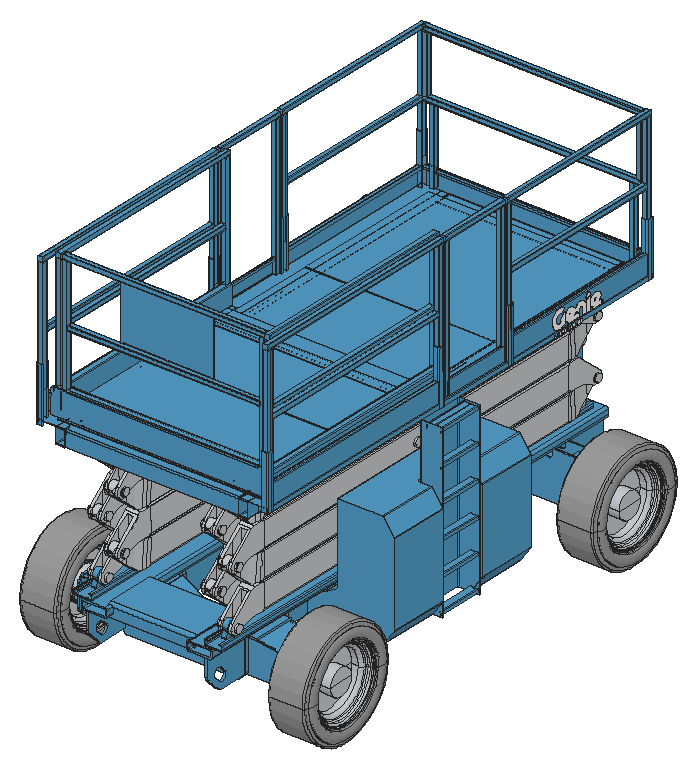
Revit family "Genie_Site_ScissorLift_GS4390_000", category Site, Revit 2017 (continued)
Definition of nested family "Base"
  Forms (mm)
    Sweep 17, solid, material <- "Blue"
      profile origin (658.337, 1411.454, 655.061) x (-1, 0, 0) y (0, 0, 1)
        loop
          arc (-255.936, -50.8) -> (-253.109, -57.625) -> (-246.284, -60.452) r 9.652
          line (-246.284, -60.452) -> (-212.604, -60.452)
          arc (-212.604, -60.452) -> (-205.275, -61.163) -> (-198.221, -63.271) r 38.1
          line (-198.221, -63.271) -> (-3.301, -142.731)
          arc (-3.301, -142.731) -> (13.935, -156.756) -> (20.416, -178.012) r 38.1
          line (20.416, -178.012) -> (20.416, -276.166)
          arc (20.416, -276.166) -> (13.946, -297.407) -> (-3.267, -311.433) r 38.1
          line (-3.267, -311.433) -> (-198.206, -391.121)
          arc (-198.206, -391.121) -> (-205.277, -393.239) -> (-212.623, -393.954) r 38.1
          line (-212.623, -393.954) -> (-246.284, -393.954)
          arc (-246.284, -393.954) -> (-253.109, -396.781) -> (-255.936, -403.606) r 9.652
          line (-255.936, -403.606) -> (-255.936, -406.4)
          arc (-255.936, -406.4) -> (-253.109, -413.225) -> (-246.284, -416.052) r 9.652
          line (-246.284, -416.052) -> (14.997, -416.052)
          arc (14.997, -416.052) -> (23.029, -414.749) -> (30.237, -410.972) r 25.4
          line (30.237, -410.972) -> (67.491, -383.032)
          arc (67.491, -383.032) -> (74.698, -379.255) -> (82.731, -377.952) r 25.4
          line (82.731, -377.952) -> (1234.197, -377.952)
          arc (1234.197, -377.952) -> (1242.229, -379.255) -> (1249.437, -383.032) r 25.4
          line (1249.437, -383.032) -> (1286.691, -410.972)
          arc (1286.691, -410.972) -> (1293.898, -414.749) -> (1301.931, -416.052) r 25.4
          line (1301.931, -416.052) -> (1563.212, -416.052)
          arc (1563.212, -416.052) -> (1570.037, -413.225) -> (1572.864, -406.4) r 9.652
          line (1572.864, -406.4) -> (1572.864, -403.606)
          arc (1572.864, -403.606) -> (1570.037, -396.781) -> (1563.212, -393.954) r 9.652
          line (1563.212, -393.954) -> (1529.551, -393.954)
          arc (1529.551, -393.954) -> (1522.204, -393.239) -> (1515.134, -391.121) r 38.1
          line (1515.134, -391.121) -> (1320.195, -311.433)
          arc (1320.195, -311.433) -> (1302.982, -297.407) -> (1296.512, -276.166) r 38.1
          line (1296.512, -276.166) -> (1296.512, -178.012)
          arc (1296.512, -178.012) -> (1302.992, -156.756) -> (1320.229, -142.731) r 38.1
          line (1320.229, -142.731) -> (1515.149, -63.271)
          arc (1515.149, -63.271) -> (1522.203, -61.163) -> (1529.532, -60.452) r 38.1
          line (1529.532, -60.452) -> (1563.212, -60.452)
          arc (1563.212, -60.452) -> (1570.037, -57.625) -> (1572.864, -50.8) r 9.652
          line (1572.864, -50.8) -> (1572.864, -44.704)
          arc (1572.864, -44.704) -> (1570.037, -37.879) -> (1563.212, -35.052) r 9.652
          line (1563.212, -35.052) -> (1549.4, -35.052)
          arc (1549.4, -35.052) -> (1547.47, -34.979) -> (1545.55, -34.759) r 25.4
          line (1545.55, -34.759) -> (1320.778, -0.293)
          arc (1320.778, -0.293) -> (1318.858, -0.073) -> (1316.928, 0) r 25.4
          line (1316.928, 0) -> (1204.564, 0)
          arc (1204.564, 0) -> (1186.603, -7.439) -> (1179.164, -25.4) r 25.4
          line (1179.164, -25.4) -> (1179.164, -44.45)
          arc (1179.164, -44.45) -> (1171.724, -62.411) -> (1153.764, -69.85) r 25.4
          line (1153.764, -69.85) -> (998.062, -69.85)
          arc (998.062, -69.85) -> (980.101, -77.289) -> (972.662, -95.25) r 25.4
          line (972.662, -95.25) -> (972.662, -134.874)
          arc (972.662, -134.874) -> (965.222, -152.835) -> (947.262, -160.274) r 25.4
          line (947.262, -160.274) -> (850.688, -160.274)
          arc (850.688, -160.274) -> (848.968, -160.216) -> (847.256, -160.041) r 25.4
          line (847.256, -160.041) -> (710.972, -141.457)
          arc (710.972, -141.457) -> (709.26, -141.282) -> (707.54, -141.224) r 25.4
          line (707.54, -141.224) -> (609.388, -141.224)
          arc (609.388, -141.224) -> (607.668, -141.282) -> (605.956, -141.457) r 25.4
          line (605.956, -141.457) -> (469.672, -160.041)
          arc (469.672, -160.041) -> (467.96, -160.216) -> (466.24, -160.274) r 25.4
          line (466.24, -160.274) -> (369.666, -160.274)
          arc (369.666, -160.274) -> (351.705, -152.835) -> (344.266, -134.874) r 25.4
          line (344.266, -134.874) -> (344.266, -95.25)
          arc (344.266, -95.25) -> (336.826, -77.289) -> (318.866, -69.85) r 25.4
          line (318.866, -69.85) -> (163.164, -69.85)
          arc (163.164, -69.85) -> (145.203, -62.411) -> (137.764, -44.45) r 25.4
          line (137.764, -44.45) -> (137.764, -25.4)
          arc (137.764, -25.4) -> (130.324, -7.439) -> (112.364, 0) r 25.4
    Sweep 18, solid, material <- "Blue"
      path in 3D
        loop
          line (-498.475, -1579.65, 375.931) -> (-498.475, -1598.7, 375.931)
      profile origin (-498.475, -1589.175, 375.931) x (0, 0, 1) y (-1, 0, 0)
        loop
          line (253.983, 0) -> (0, 0)
          arc (0, 0) -> (-7.29, -1.45) -> (-13.47, -5.58) r 19.05
          line (-13.47, -5.58) -> (-53.111, -45.22)
          arc (-53.111, -45.22) -> (-57.241, -51.401) -> (-58.691, -58.691) r 19.05
          line (-58.691, -58.691) -> (-58.691, -938.259)
          arc (-58.691, -938.259) -> (-57.241, -945.549) -> (-53.111, -951.73) r 19.05
          line (-53.111, -951.73) -> (-13.47, -991.37)
          arc (-13.47, -991.37) -> (-7.29, -995.5) -> (0, -996.95) r 19.05
          line (0, -996.95) -> (253.983, -996.95) -> (253.983, -822.198)
          arc (253.983, -822.198) -> (257.703, -813.218) -> (266.683, -809.498) r 12.7
          line (266.683, -809.498) -> (292.083, -809.498) -> (330.183, -771.398) -> (330.183, -225.298) -> (292.083, -187.198) -> (266.683, -187.198)
          arc (266.683, -187.198) -> (257.703, -183.478) -> (253.983, -174.498) r 12.7
          line (253.983, -174.498) -> (253.983, 0)
    Sweep 19, solid, material <- "Blue"
      path in 3D
        loop
          line (-76.327, -1536.724, 337.688) -> (-76.327, -1549.424, 337.688)
      profile origin (-76.327, -1543.074, 337.688) x (0, 0, -1) y (1, 0, 0)
        loop
          line (0, -771.398) -> (0, 0) -> (-118.821, 0)
          arc (-118.821, 0) -> (-131.521, -3.403) -> (-140.818, -12.701) r 25.4
          line (-140.818, -12.701) -> (-266.6, -230.58)
          arc (-266.6, -230.58) -> (-269.137, -236.706) -> (-270.002, -243.279) r 25.4
          line (-270.002, -243.279) -> (-270.002, -476.25) -> (-230, -749.675)
          arc (-230, -749.675) -> (-221.477, -765.215) -> (-204.868, -771.398) r 25.4
          line (-204.868, -771.398) -> (0, -771.398)
        loop
          line (0, 923.798) -> (-204.868, 923.798)
          arc (-204.868, 923.798) -> (-221.477, 917.615) -> (-230, 902.075) r 25.4
          line (-230, 902.075) -> (-270.002, 628.65) -> (-270.002, 395.679)
          arc (-270.002, 395.679) -> (-269.137, 389.106) -> (-266.6, 382.98) r 25.4
          line (-266.6, 382.98) -> (-140.818, 165.101)
          arc (-140.818, 165.101) -> (-131.521, 155.803) -> (-118.821, 152.4) r 25.4
          line (-118.821, 152.4) -> (0, 152.4) -> (0, 923.798)
    Sweep 20, solid, material <- "Blue"
      path in 3D
        loop
          line (-76.327, -1231.924, 337.688) -> (-76.327, -1244.624, 337.688)
      profile origin (-76.327, -1238.274, 337.688) x (0, 0, -1) y (1, 0, 0)
        loop
          line (0, 0) -> (-118.821, 0)
          arc (-118.821, 0) -> (-131.521, -3.403) -> (-140.818, -12.701) r 25.4
          line (-140.818, -12.701) -> (-266.6, -230.58)
          arc (-266.6, -230.58) -> (-269.137, -236.706) -> (-270.002, -243.279) r 25.4
          line (-270.002, -243.279) -> (-270.002, -476.25) -> (-230, -749.675)
          arc (-230, -749.675) -> (-221.477, -765.215) -> (-204.868, -771.398) r 25.4
          line (-204.868, -771.398) -> (0, -771.398) -> (0, 0)
        loop
          line (0, 923.798) -> (-204.868, 923.798)
          arc (-204.868, 923.798) -> (-221.477, 917.615) -> (-230, 902.075) r 25.4
          line (-230, 902.075) -> (-270.002, 628.65) -> (-270.002, 395.679)
          arc (-270.002, 395.679) -> (-269.137, 389.106) -> (-266.6, 382.98) r 25.4
          line (-266.6, 382.98) -> (-140.818, 165.101)
          arc (-140.818, 165.101) -> (-131.521, 155.803) -> (-118.821, 152.4) r 25.4
          line (-118.821, 152.4) -> (0, 152.4) -> (0, 923.798)
    Sweep 21, solid, material <- "Blue"
      path in 3D
        loop
          line (439.784, -1182.648, 317.241) -> (439.784, -1201.698, 317.241)
      profile origin (439.784, -1192.173, 317.241) x (-1, 0, 0) y (0, 0, -1)
        loop
          arc (0, 0) -> (-7.29, -1.45) -> (-13.47, -5.58) r 19.05
          line (-13.47, -5.58) -> (-53.111, -45.22)
          arc (-53.111, -45.22) -> (-57.241, -51.401) -> (-58.691, -58.691) r 19.05
          line (-58.691, -58.691) -> (-58.691, -312.674) -> (106.409, -312.674)
          arc (106.409, -312.674) -> (119.88, -307.094) -> (125.459, -293.624) r 19.05
          line (125.459, -293.624) -> (125.459, -215.9)
          arc (125.459, -215.9) -> (136.618, -188.959) -> (163.559, -177.8) r 38.1
          line (163.559, -177.8) -> (716.009, -177.8)
          arc (716.009, -177.8) -> (742.95, -188.959) -> (754.109, -215.9) r 38.1
          line (754.109, -215.9) -> (754.109, -293.624)
          arc (754.109, -293.624) -> (759.689, -307.094) -> (773.159, -312.674) r 19.05
          line (773.159, -312.674) -> (938.259, -312.674) -> (938.259, -58.691)
          arc (938.259, -58.691) -> (936.809, -51.401) -> (932.68, -45.22) r 19.05
          line (932.68, -45.22) -> (893.039, -5.58)
          arc (893.039, -5.58) -> (886.859, -1.45) -> (879.568, 0) r 19.05
          line (879.568, 0) -> (0, 0)
    Sweep 22, solid, material <- "Blue"
      path in 3D
        loop
          line (41.275, -1579.65, 322.067) -> (41.275, -1202.714, 322.067)
      profile origin (41.275, -1391.182, 322.067) x (1, 0, 0) y (0, 0, -1)
        loop
          line (0, 0) -> (-82.55, 0)
          arc (-82.55, 0) -> (-89.285, -2.79) -> (-92.075, -9.525) r 9.525
          line (-92.075, -9.525) -> (-92.075, -92.075)
          arc (-92.075, -92.075) -> (-89.285, -98.81) -> (-82.55, -101.6) r 9.525
          line (-82.55, -101.6) -> (0, -101.6)
          arc (0, -101.6) -> (6.735, -98.81) -> (9.525, -92.075) r 9.525
          line (9.525, -92.075) -> (9.525, -9.525)
          arc (9.525, -9.525) -> (6.735, -2.79) -> (0, 0) r 9.525
    Sweep 23, solid, material <- "Blue"
      path in 3D
        loop
          line (-453.255, 1201.65, 322.82) -> (-453.255, 1182.6, 322.82)
      profile origin (-453.255, 1192.125, 322.82) x (-0.707107, 0, 0.707107) y (-0.707107, 0, -0.707107)
        loop
          line (-13.47, -5.58) -> (-635.419, -627.528)
          arc (-635.419, -627.528) -> (-639.549, -633.709) -> (-640.999, -640.999) r 19.05
          line (-640.999, -640.999) -> (-640.999, -697.059)
          arc (-640.999, -697.059) -> (-639.549, -704.349) -> (-635.419, -710.53) r 19.05
          line (-635.419, -710.53) -> (-455.826, -890.123) -> (-339.083, -773.38)
          arc (-339.083, -773.38) -> (-333.503, -759.909) -> (-339.083, -746.439) r 19.05
          line (-339.083, -746.439) -> (-394.042, -691.48)
          arc (-394.042, -691.48) -> (-405.201, -664.539) -> (-394.042, -637.598) r 38.1
          line (-394.042, -637.598) -> (-3.401, -246.957)
          arc (-3.401, -246.957) -> (23.54, -235.798) -> (50.481, -246.957) r 38.1
          line (50.481, -246.957) -> (105.44, -301.916)
          arc (105.44, -301.916) -> (118.91, -307.496) -> (132.381, -301.916) r 19.05
          line (132.381, -301.916) -> (249.124, -185.173) -> (69.531, -5.58)
          arc (69.531, -5.58) -> (63.351, -1.45) -> (56.061, 0) r 19.05
          line (56.061, 0) -> (0, 0)
          arc (0, 0) -> (-7.29, -1.45) -> (-13.47, -5.58) r 19.05
    Sweep 24, solid, material <- "Blue"
      path in 3D
        loop
          line (439.784, 1598.652, 317.241) -> (439.784, 1579.602, 317.241)
      profile origin (439.784, 1589.127, 317.241) x (-1, 0, 0) y (0, 0, -1)
        loop
          arc (0, 0) -> (-7.29, -1.45) -> (-13.47, -5.58) r 19.05
          line (-13.47, -5.58) -> (-53.111, -45.22)
          arc (-53.111, -45.22) -> (-57.241, -51.401) -> (-58.691, -58.691) r 19.05
          line (-58.691, -58.691) -> (-58.691, -312.674) -> (106.409, -312.674)
          arc (106.409, -312.674) -> (119.88, -307.094) -> (125.459, -293.624) r 19.05
          line (125.459, -293.624) -> (125.459, -215.9)
          arc (125.459, -215.9) -> (136.618, -188.959) -> (163.559, -177.8) r 38.1
          line (163.559, -177.8) -> (716.009, -177.8)
          arc (716.009, -177.8) -> (742.95, -188.959) -> (754.109, -215.9) r 38.1
          line (754.109, -215.9) -> (754.109, -293.624)
          arc (754.109, -293.624) -> (759.689, -307.094) -> (773.159, -312.674) r 19.05
          line (773.159, -312.674) -> (938.259, -312.674) -> (938.259, -58.691)
          arc (938.259, -58.691) -> (936.809, -51.401) -> (932.68, -45.22) r 19.05
          line (932.68, -45.22) -> (893.039, -5.58)
          arc (893.039, -5.58) -> (886.859, -1.45) -> (879.568, 0) r 19.05
          line (879.568, 0) -> (0, 0)
    Sweep 25, solid, material <- "Blue"
      path in 3D
        loop
          line (-866.775, -1549.904, 538.757) -> (-847.725, -1549.904, 538.757)
      profile origin (-857.25, -1549.904, 538.757) x (0, 0.707107, 0.707107) y (0, -0.707107, 0.707107)
        loop
          arc (50.03, -9.299) -> (39.729, -2.417) -> (27.579, 0) r 31.75
          line (27.579, 0) -> (0, 0)
          arc (0, 0) -> (-12.15, -2.417) -> (-22.451, -9.299) r 31.75
          line (-22.451, -9.299) -> (-147.536, -134.385)
          arc (-147.536, -134.385) -> (-154.419, -144.685) -> (-156.835, -156.835) r 31.75
          line (-156.835, -156.835) -> (-156.835, -184.414)
          arc (-156.835, -184.414) -> (-154.419, -196.565) -> (-147.536, -206.865) r 31.75
          line (-147.536, -206.865) -> (17.961, -372.362)
          arc (17.961, -372.362) -> (28.261, -379.244) -> (40.411, -381.661) r 31.75
          line (40.411, -381.661) -> (67.99, -381.661)
          arc (67.99, -381.661) -> (80.14, -379.244) -> (90.441, -372.362) r 31.75
          line (90.441, -372.362) -> (215.526, -247.276)
          arc (215.526, -247.276) -> (222.409, -236.976) -> (224.826, -224.826) r 31.75
          line (224.826, -224.826) -> (224.826, -197.247)
          arc (224.826, -197.247) -> (222.409, -185.096) -> (215.526, -174.796) r 31.75
          line (215.526, -174.796) -> (50.03, -9.299)
    Sweep 26, solid, material <- "Blue"
      path in 3D
        loop
          line (866.775, -1549.904, 538.757) -> (847.725, -1549.904, 538.757)
      profile origin (857.25, -1549.904, 538.757) x (0, -0.707107, -0.707107) y (0, -0.707107, 0.707107)
        loop
          line (-50.03, -9.299) -> (-215.526, -174.796)
          arc (-215.526, -174.796) -> (-222.409, -185.096) -> (-224.826, -197.247) r 31.75
          line (-224.826, -197.247) -> (-224.826, -224.826)
          arc (-224.826, -224.826) -> (-222.409, -236.976) -> (-215.526, -247.276) r 31.75
          line (-215.526, -247.276) -> (-90.441, -372.362)
          arc (-90.441, -372.362) -> (-80.14, -379.244) -> (-67.99, -381.661) r 31.75
          line (-67.99, -381.661) -> (-40.411, -381.661)
          arc (-40.411, -381.661) -> (-28.261, -379.244) -> (-17.961, -372.362) r 31.75
          line (-17.961, -372.362) -> (147.536, -206.865)
          arc (147.536, -206.865) -> (154.419, -196.565) -> (156.835, -184.414) r 31.75
          line (156.835, -184.414) -> (156.835, -156.835)
          arc (156.835, -156.835) -> (154.419, -144.685) -> (147.536, -134.385) r 31.75
          line (147.536, -134.385) -> (22.451, -9.299)
          arc (22.451, -9.299) -> (12.15, -2.417) -> (0, 0) r 31.75
          line (0, 0) -> (-27.579, 0)
          arc (-27.579, 0) -> (-39.729, -2.417) -> (-50.03, -9.299) r 31.75
    Sweep 27, solid, material <- "Blue"
      path in 3D
        loop
          line (836.622, -1478.033, 297.81) -> (86.922, -1478.033, 297.81)
      profile origin (461.772, -1478.033, 297.81) x (0, 1, 0) y (0, 0, -1)
        loop
          line (233.409, -50.8) -> (187.735, -5.126)
          arc (187.735, -5.126) -> (182.057, -1.332) -> (175.36, 0) r 17.5
          line (175.36, 0) -> (-0.642, 0)
          arc (-0.642, 0) -> (-7.339, -1.332) -> (-13.016, -5.126) r 17.5
          line (-13.016, -5.126) -> (-58.691, -50.8) -> (-51.956, -57.535) -> (-6.142, -11.722)
          arc (-6.142, -11.722) -> (-3.709, -10.096) -> (-0.839, -9.525) r 7.5
          line (-0.839, -9.525) -> (175.557, -9.525)
          arc (175.557, -9.525) -> (178.427, -10.096) -> (180.861, -11.722) r 7.5
          line (180.861, -11.722) -> (226.674, -57.535) -> (233.409, -50.8)
    Sweep 28, solid, material <- "Blue"
      path in 3D
        loop
          line (-836.622, -1478.033, 297.81) -> (-86.922, -1478.033, 297.81)
      profile origin (-461.772, -1478.033, 297.81) x (0, -1, 0) y (0, 0, -1)
        loop
          line (-233.409, -50.8) -> (-226.674, -57.535) -> (-180.861, -11.722)
          arc (-180.861, -11.722) -> (-178.427, -10.096) -> (-175.557, -9.525) r 7.5
          line (-175.557, -9.525) -> (0.839, -9.525)
          arc (0.839, -9.525) -> (3.709, -10.096) -> (6.142, -11.722) r 7.5
          line (6.142, -11.722) -> (51.956, -57.535) -> (58.691, -50.8) -> (13.016, -5.126)
          arc (13.016, -5.126) -> (7.339, -1.332) -> (0.642, 0) r 17.5
          line (0.642, 0) -> (-175.36, 0)
          arc (-175.36, 0) -> (-182.057, -1.332) -> (-187.735, -5.126) r 17.5
          line (-187.735, -5.126) -> (-233.409, -50.8)
    Sweep 29, solid, material <- "Blue"
      path in 3D
        loop
          line (75.946, -1222.399, 482.887) -> (75.946, -1558.949, 482.887)
      profile origin (75.946, -1390.674, 482.887) x (0.866025, 0, 0.5) y (-0.5, 0, 0.866025)
        loop
          line (-16.772, -10) -> (-105.614, -163.878) -> (-97.365, -168.64) -> (-8.386, -14.525)
          arc (-8.386, -14.525) -> (-4.726, -10.865) -> (0.274, -9.525) r 10
          line (0.274, -9.525) -> (263.678, -9.525)
          arc (263.678, -9.525) -> (266.266, -9.866) -> (268.678, -10.865) r 10
          line (268.678, -10.865) -> (474.799, -129.869) -> (479.562, -121.62) -> (273.55, -2.679)
          arc (273.55, -2.679) -> (268.727, -0.681) -> (263.55, 0) r 20
          line (263.55, 0) -> (0.548, 0)
          arc (0.548, 0) -> (-9.452, -2.679) -> (-16.772, -10) r 20
        loop
          arc (-131.817, 56.421) -> (-129.137, 66.421) -> (-131.817, 76.421) r 20
          line (-131.817, 76.421) -> (-263.318, 304.187)
          arc (-263.318, 304.187) -> (-266.496, 308.33) -> (-270.638, 311.508) r 20
          line (-270.638, 311.508) -> (-476.65, 430.449) -> (-481.412, 422.2) -> (-275.29, 303.195)
          arc (-275.29, 303.195) -> (-273.219, 301.606) -> (-271.63, 299.535) r 10
          line (-271.63, 299.535) -> (-139.928, 71.421)
          arc (-139.928, 71.421) -> (-138.589, 66.421) -> (-139.928, 61.421) r 10
          line (-139.928, 61.421) -> (-228.907, -92.694) -> (-220.658, -97.457) -> (-131.817, 56.421)
        loop
          line (-481.992, 426.05) -> (-755.796, 534.881) -> (-757.058, 531.707) -> (-483.254, 422.876) -> (-481.992, 426.05)
        loop
          line (478.424, -128.446) -> (476.306, -131.126) -> (707.458, -313.832) -> (709.576, -311.152) -> (478.424, -128.446)
    Sweep 30, solid, material <- "Blue"
      path in 3D
        loop
          line (-341.059, -1882.799, 715.64) -> (341.313, -1882.799, 715.64)
      profile origin (0.127, -1882.799, 715.64) x (0, 1, 0) y (0, 0, 1)
        loop
          arc (-12.7, -22.025) -> (-9.039, -13.186) -> (-0.2, -9.525) r 12.5
          line (-0.2, -9.525) -> (384.175, -9.525) -> (384.175, 0) -> (0.275, 0)
          arc (0.275, 0) -> (-15.635, -6.59) -> (-22.225, -22.5) r 22.5
          line (-22.225, -22.5) -> (-22.225, -101.854) -> (-12.7, -101.854) -> (-12.7, -22.025)
    Extrusion 31, solid, material <- "Blue"
      sketch origin (0, 0, 0) x (0, 1, 0) y (0, 0, 1)
        loop
          arc (1959.205, 1383.388) -> (1956.276, 1390.459) -> (1949.205, 1393.388) r 10
          line (1949.205, 1393.388) -> (1874.624, 1393.388)
          arc (1874.624, 1393.388) -> (1872.375, 1393.132) -> (1870.24, 1392.376) r 10
          line (1870.24, 1392.376) -> (1824.214, 1369.927)
          arc (1824.214, 1369.927) -> (1822.079, 1369.171) -> (1819.83, 1368.915) r 10
          line (1819.83, 1368.915) -> (1068.759, 1368.915)
          arc (1068.759, 1368.915) -> (1066.51, 1368.659) -> (1064.376, 1367.903) r 10
          line (1064.376, 1367.903) -> (860.694, 1268.561) -> (872.55, 1244.253)
          arc (872.55, 1244.253) -> (870.6, 1240.615) -> (869.926, 1236.543) r 12.639
          line (869.926, 1236.543) -> (869.926, 1213.175)
          arc (869.926, 1213.175) -> (870.297, 1210.153) -> (871.387, 1207.31) r 12.5
          arc (871.387, 1207.31) -> (955.592, 987.765) -> (984.226, 754.375) r 965.461
          line (984.226, 754.375) -> (984.226, 542.963)
          arc (984.226, 542.963) -> (987.155, 535.892) -> (994.226, 532.963) r 10
          line (994.226, 532.963) -> (1902.055, 532.963) -> (1902.055, 523.438) -> (1949.205, 523.438)
          arc (1949.205, 523.438) -> (1956.276, 526.367) -> (1959.205, 533.438) r 10
          line (1959.205, 533.438) -> (1959.205, 1383.388)
      from -310 to 310
    Sweep 32, solid, material <- "Blue"
      path in 3D
        loop
          line (-534.988, -1832.525, 725.165) -> (-493.713, -1832.525, 725.165)
      profile origin (-514.35, -1832.525, 725.165) x (0, 0, 1) y (0, -1, 0)
        loop
          line (9.525, 0) -> (0, 0) -> (0, -107.95) -> (9.525, -107.95) -> (55.152, -101.956)
          arc (55.152, -101.956) -> (57.887, -99.214) -> (55.937, -95.868) r 3.175
          arc (55.937, -95.868) -> (118.269, -53.975) -> (55.937, -12.082) r 45.244
          arc (55.937, -12.082) -> (57.887, -8.736) -> (55.152, -5.994) r 3.175
          line (55.152, -5.994) -> (9.525, 0)
        loop
          circle (73.025, -53.975) r 25
    Sweep 33, solid, material <- "Blue"
      path in 3D
        loop
          line (534.988, -1832.525, 725.165) -> (493.713, -1832.525, 725.165)
      profile origin (514.35, -1832.525, 725.165) x (0, 0, -1) y (0, -1, 0)
        loop
          line (-9.525, 0) -> (-55.152, -5.994)
          arc (-55.152, -5.994) -> (-57.887, -8.736) -> (-55.937, -12.082) r 3.175
          arc (-55.937, -12.082) -> (-118.269, -53.975) -> (-55.937, -95.868) r 45.244
          arc (-55.937, -95.868) -> (-57.887, -99.214) -> (-55.152, -101.956) r 3.175
          line (-55.152, -101.956) -> (-9.525, -107.95) -> (0, -107.95) -> (0, 0) -> (-9.525, 0)
        loop
          circle (-73.025, -53.975) r 25
    Sweep 34, solid, material <- "Blue"
      path in 3D
        loop
          line (-404.812, 1831.423, 725.165) -> (-363.537, 1831.423, 725.165)
      profile origin (-384.175, 1831.423, 725.165) x (0, 0, -1) y (0, 1, 0)
        loop
          line (-9.525, 0) -> (-55.152, -5.994)
          arc (-55.152, -5.994) -> (-57.887, -8.736) -> (-55.937, -12.082) r 3.175
          arc (-55.937, -12.082) -> (-118.269, -53.975) -> (-55.937, -95.868) r 45.244
          arc (-55.937, -95.868) -> (-57.887, -99.214) -> (-55.152, -101.956) r 3.175
          line (-55.152, -101.956) -> (-9.525, -107.95) -> (0, -107.95) -> (0, 0) -> (-9.525, 0)
        loop
          circle (-73.025, -53.975) r 25
    Sweep 35, solid, material <- "Blue"
      path in 3D
        loop
          line (404.812, 1831.423, 725.165) -> (363.537, 1831.423, 725.165)
      profile origin (384.175, 1831.423, 725.165) x (0, 0, 1) y (0, 1, 0)
        loop
          line (9.525, 0) -> (0, 0) -> (0, -107.95) -> (9.525, -107.95) -> (55.152, -101.956)
          arc (55.152, -101.956) -> (57.887, -99.214) -> (55.937, -95.868) r 3.175
          arc (55.937, -95.868) -> (118.269, -53.975) -> (55.937, -12.082) r 45.244
          arc (55.937, -12.082) -> (57.887, -8.736) -> (55.152, -5.994) r 3.175
          line (55.152, -5.994) -> (9.525, 0)
        loop
          circle (73.025, -53.975) r 25
    Sweep 36, solid, material <- "Blue"
      path in 3D
        loop
          line (-631.952, 1416.661, 616.834) -> (-631.952, 1416.661, 585.084)
      profile origin (-631.952, 1416.661, 600.959) x (1, 0, 0) y (0, -1, 0)
        loop
          line (0, 0) -> (-285.75, 0) -> (-299.085, -17.78)
          arc (-299.085, -17.78) -> (-307.361, -37.085) -> (-305.848, -58.035) r 44.45
          line (-305.848, -58.035) -> (-285.75, -120.65) -> (0, -120.65) -> (0, 0)
        loop
          line (1257.3, -121.793) -> (1543.05, -121.793) -> (1563.148, -59.178)
          arc (1563.148, -59.178) -> (1564.661, -38.228) -> (1556.385, -18.923) r 44.45
          line (1556.385, -18.923) -> (1543.05, -1.143) -> (1257.3, -1.143) -> (1257.3, -121.793)
    Sweep 37, solid, material <- "Blue"
      path in 3D
        loop
          line (-787.214, 1220.599, 447.098) -> (-787.214, 1220.599, 466.148)
      profile origin (-787.214, 1220.599, 456.623) x (0.128813, -0.991669, 0) y (0.991669, 0.128813, 0)
        loop
          line (0, 0) -> (-25.354, 0)
          arc (-25.354, 0) -> (-25.977, 0.02) -> (-26.597, 0.08) r 9.652
          line (-26.597, 0.08) -> (-32.416, 0.836)
          arc (-32.416, 0.836) -> (-36.115, 0.598) -> (-39.452, -1.016) r 9.652
          arc (-39.452, -1.016) -> (-48.71, -3.452) -> (-57.039, 1.267) r 12.7
          arc (-57.039, 1.267) -> (-59.853, 3.68) -> (-63.368, 4.854) r 9.652
          line (-63.368, 4.854) -> (-101.544, 9.81) -> (-115.05, -94.218) -> (8.673, -49.274)
          arc (8.673, -49.274) -> (25.015, -20.997) -> (0, 0) r 25.4
        loop
          line (101.292, 1571.237) -> (139.468, 1566.281)
          arc (139.468, 1566.281) -> (143.167, 1566.518) -> (146.504, 1568.132) r 9.652
          arc (146.504, 1568.132) -> (155.762, 1570.569) -> (164.09, 1565.849) r 12.7
          arc (164.09, 1565.849) -> (166.904, 1563.436) -> (170.42, 1562.262) r 9.652
          line (170.42, 1562.262) -> (176.239, 1561.507)
          arc (176.239, 1561.507) -> (176.854, 1561.407) -> (177.461, 1561.267) r 9.652
          line (177.461, 1561.267) -> (201.975, 1554.793)
          arc (201.975, 1554.793) -> (231.523, 1568.706) -> (222.942, 1600.218) r 25.4
          line (222.942, 1600.218) -> (114.798, 1675.266) -> (101.292, 1571.237)
    Sweep 38, solid, material <- "Blue"
      path in 3D
        loop
          line (838.763, 1221.103, 358.198) -> (838.763, 1221.103, 339.148)
      profile origin (838.763, 1221.103, 348.673) x (0.442924, 0.896559, 0) y (0.896559, -0.442924, 0)
        loop
          arc (0, 0) -> (-25.4, -25.337) -> (-0.126, -50.8) r 25.4
          line (-0.126, -50.8) -> (87.839, -51.237) -> (113.156, 0) -> (0, 0)
        loop
          arc (-705.648, -1478.933) -> (-741.228, -1474.328) -> (-745.922, -1509.896) r 25.4
          line (-745.922, -1509.896) -> (-677.177, -1599.775) -> (-651.86, -1548.538) -> (-705.648, -1478.933)
    Sweep 39, solid, material <- "Blue"
      path in 3D
        loop
          line (-631.952, 1538.454, 594.736) -> (-631.952, 1417.804, 594.736)
      profile origin (-631.952, 1478.129, 594.736) x (0, 0, 1) y (-1, 0, 0)
        loop
          line (-23.749, -285.877) -> (-23.749, -9.525) -> (-42.799, -9.525) -> (-42.799, -285.877) -> (-23.749, -285.877)
        loop
          line (-23.749, -1247.775) -> (-23.749, -971.423) -> (-42.799, -971.423) -> (-42.799, -1247.775) -> (-23.749, -1247.775)
    Sweep 40, solid, material <- "Blue"
      path in 3D
        loop
          line (-631.952, 1416.661, 251.709) -> (-631.952, 1537.311, 251.709)
      profile origin (-631.952, 1476.986, 251.709) x (0, 0, 1) y (1, 0, 0)
        loop
          line (9.525, 9.525) -> (9.525, 0) -> (343.027, 0) -> (343.027, 9.525) -> (9.525, 9.525)
        loop
          line (9.525, 1257.3) -> (9.525, 1247.775) -> (343.027, 1247.775) -> (343.027, 1257.3) -> (9.525, 1257.3)
    Extrusion 41, solid, material <- "Blue"
      sketch origin (-2500, 0, 0) x (0, 1, 0) y (0, 0, 1)
        loop
          arc (1322.554, 347.721) -> (1326.078, 335.632) -> (1335.545, 327.329) r 22.5
          line (1335.545, 327.329) -> (1412.433, 291.476)
          arc (1412.433, 291.476) -> (1417.072, 289.901) -> (1421.942, 289.367) r 22.5
          line (1421.942, 289.367) -> (1502.567, 289.367)
          arc (1502.567, 289.367) -> (1507.436, 289.901) -> (1512.075, 291.476) r 22.5
          line (1512.075, 291.476) -> (1588.963, 327.329)
          arc (1588.963, 327.329) -> (1598.431, 335.632) -> (1601.954, 347.721) r 22.5
          line (1601.954, 347.721) -> (1601.954, 505.264)
          arc (1601.954, 505.264) -> (1598.431, 517.353) -> (1588.963, 525.656) r 22.5
          line (1588.963, 525.656) -> (1512.075, 561.509)
          arc (1512.075, 561.509) -> (1507.436, 563.084) -> (1502.567, 563.617) r 22.5
          line (1502.567, 563.617) -> (1421.942, 563.617)
          arc (1421.942, 563.617) -> (1417.072, 563.084) -> (1412.433, 561.509) r 22.5
          line (1412.433, 561.509) -> (1335.545, 525.656)
          arc (1335.545, 525.656) -> (1326.078, 517.353) -> (1322.554, 505.264) r 22.5
          line (1322.554, 505.264) -> (1322.554, 347.721)
      from 3283.971 to 3388.873
    Extrusion 42, solid, material <- "Blue"
      sketch origin (2499.746, 0, 0) x (0, 1, 0) y (0, 0, -1)
        loop
          line (1322.554, -347.721) -> (1322.554, -505.264)
          arc (1322.554, -505.264) -> (1326.078, -517.353) -> (1335.545, -525.656) r 22.5
          line (1335.545, -525.656) -> (1412.433, -561.509)
          arc (1412.433, -561.509) -> (1417.072, -563.084) -> (1421.942, -563.617) r 22.5
          line (1421.942, -563.617) -> (1502.567, -563.617)
          arc (1502.567, -563.617) -> (1507.436, -563.084) -> (1512.075, -561.509) r 22.5
          line (1512.075, -561.509) -> (1588.963, -525.656)
          arc (1588.963, -525.656) -> (1598.431, -517.353) -> (1601.954, -505.264) r 22.5
          line (1601.954, -505.264) -> (1601.954, -347.721)
          arc (1601.954, -347.721) -> (1598.431, -335.632) -> (1588.963, -327.329) r 22.5
          line (1588.963, -327.329) -> (1512.075, -291.476)
          arc (1512.075, -291.476) -> (1507.436, -289.901) -> (1502.567, -289.367) r 22.5
          line (1502.567, -289.367) -> (1421.942, -289.367)
          arc (1421.942, -289.367) -> (1417.072, -289.901) -> (1412.433, -291.476) r 22.5
          line (1412.433, -291.476) -> (1335.545, -327.329)
          arc (1335.545, -327.329) -> (1326.078, -335.632) -> (1322.554, -347.721) r 22.5
      from 3283.971 to 3388.873
    Sweep 43, solid, material <- "Blue"
      path in 3D
        loop
          line (911.098, 1538.454, 270.759) -> (911.098, 1538.454, 251.709)
      profile origin (911.098, 1538.454, 261.234) x (0, 1, 0) y (-1, 0, 0)
        loop
          line (0, 0) -> (0, 285.75) -> (-120.65, 285.75) -> (-120.65, 0) -> (-102.87, -13.335)
          arc (-102.87, -13.335) -> (-83.565, -21.611) -> (-62.615, -20.098) r 44.45
          line (-62.615, -20.098) -> (0, 0)
        loop
          line (0, 1543.05) -> (0, 1828.8) -> (-62.615, 1848.898)
          arc (-62.615, 1848.898) -> (-83.565, 1850.411) -> (-102.87, 1842.135) r 44.45
          line (-102.87, 1842.135) -> (-120.65, 1828.8) -> (-120.65, 1543.05) -> (0, 1543.05)
    Sweep 44, solid, material <- "Blue"
      path in 3D
        loop
          line (-616.077, 1538.454, 296.159) -> (-616.077, 1538.454, 283.459)
      profile origin (-616.077, 1538.454, 289.809) x (0, 1, 0) y (-1, 0, 0)
        loop
          line (0, -1231.9) -> (0, 0) -> (-120.65, 0) -> (-120.65, -1231.9) -> (0, -1231.9)
  Cuts and joins
    Sweep 15 cuts Sweep 14
  Lines and regions (mm)
    sketch lines
      curve 1: line (-333.375, 1955.776, 706.115) -> (-333.375, -1955.824, 706.115)
      curve 2: line (-426.364, 1885.926, 749.955) -> (-426.364, 533.376, 749.955)
      curve 3: line (-454.177, -1943.124, 749.955) -> (-454.177, -590.574, 749.955)
      curve 4: line (1037.063, 18.594, 1462.278) -> (1037.063, -348.182, 1462.278)
      curve 5: line (1052.588, -350.849, 412.808) -> (1052.588, -350.849, 1759.008)
      curve 6: line (-478.917, -1954.3, 492.207) -> (-459.867, -1954.3, 492.207)
      curve 7: line (478.917, -1954.3, 492.207) -> (459.867, -1954.3, 492.207)
      curve 8: line (-365.125, 1181.076, 407.665) -> (-355.6, 1181.076, 407.665)
      curve 9: line (365.125, 1181.076, 407.665) -> (355.6, 1181.076, 407.665)
      curve 10: line (-382.473, 511.075, 407.665) -> (-382.473, -832.179, 407.665)
      curve 11: line (1052.588, -350.849, 304.008) -> (1052.588, -350.849, 1399.008)
      curve 12: line (658.337, 1538.454, 655.061) -> (658.337, 1551.154, 655.061)
      curve 13: line (658.337, 1405.104, 655.061) -> (658.337, 1417.804, 655.061)
      curve 14: line (-498.475, -1579.65, 375.931) -> (-498.475, -1598.7, 375.931)
      curve 15: line (-76.327, -1536.724, 337.688) -> (-76.327, -1549.424, 337.688)
      curve 16: line (-76.327, -1231.924, 337.688) -> (-76.327, -1244.624, 337.688)
      curve 17: line (439.784, -1182.648, 317.241) -> (439.784, -1201.698, 317.241)
      curve 18: line (41.275, -1579.65, 322.067) -> (41.275, -1202.714, 322.067)
      curve 19: line (-453.255, 1201.65, 322.82) -> (-453.255, 1182.6, 322.82)
      curve 20: line (439.784, 1598.652, 317.241) -> (439.784, 1579.602, 317.241)
      curve 21: line (-866.775, -1549.904, 538.757) -> (-847.725, -1549.904, 538.757)
      curve 22: line (866.775, -1549.904, 538.757) -> (847.725, -1549.904, 538.757)
      curve 23: line (836.622, -1478.033, 297.81) -> (86.922, -1478.033, 297.81)
      curve 24: line (-836.622, -1478.033, 297.81) -> (-86.922, -1478.033, 297.81)
      curve 25: line (75.946, -1222.399, 482.887) -> (75.946, -1558.949, 482.887)
      curve 26: line (-341.059, -1882.799, 715.64) -> (341.313, -1882.799, 715.64)
      curve 27: line (-534.988, -1832.525, 725.165) -> (-493.713, -1832.525, 725.165)
      curve 28: line (534.988, -1832.525, 725.165) -> (493.713, -1832.525, 725.165)
      curve 29: line (-404.812, 1831.423, 725.165) -> (-363.537, 1831.423, 725.165)
      curve 30: line (404.812, 1831.423, 725.165) -> (363.537, 1831.423, 725.165)
      curve 31: line (-631.952, 1416.661, 616.834) -> (-631.952, 1416.661, 585.084)
      curve 32: line (-787.214, 1220.599, 447.098) -> (-787.214, 1220.599, 466.148)
      curve 33: line (838.763, 1221.103, 358.198) -> (838.763, 1221.103, 339.148)
      curve 34: line (-631.952, 1538.454, 594.736) -> (-631.952, 1417.804, 594.736)
      curve 35: line (-631.952, 1416.661, 251.709) -> (-631.952, 1537.311, 251.709)
      curve 36: line (911.098, 1538.454, 270.759) -> (911.098, 1538.454, 251.709)
      curve 37: line (-616.077, 1538.454, 296.159) -> (-616.077, 1538.454, 283.459)
  Dimensions and locks
    aligned and locked: level to plane 2
Definition of nested family "OuterBasket"
  Parameters (values of type "OuterBasket")
    Default Elevation = 1219.2 mm
    Blue = none
  Reference planes
    plane 1 "Center (Front/Back)": y = 0
    plane 2: z = 0
    plane 3 "Center (Left/Right)": x = 0
    plane 4: z = 86
  Forms (mm)
    Extrusion 1, solid
      sketch origin (0, 0, 0) x (1, 0, 0) y (0, 1, 0)
        loop
          line (-1219.2, 1219.2) -> (-1219.2, -1219.2) -> (1219.2, -1219.2) -> (1219.2, 1219.2) -> (-1219.2, 1219.2)
      from 0 to -304.8
    Sweep 2, solid, material <- "Blue"
      path in 3D
        loop
          line (-746.633, 0, 130.704) -> (-746.633, -2127.25, 130.704)
      profile origin (-746.633, -1063.625, 130.704) x (0, 0, 1) y (-1, 0, 0)
        loop
          arc (-89.408, 0) -> (-93.719, -1.785) -> (-95.504, -6.096) r 6.096
          line (-95.504, -6.096) -> (-95.504, -44.704)
          arc (-95.504, -44.704) -> (-93.719, -49.015) -> (-89.408, -50.8) r 6.096
          line (-89.408, -50.8) -> (0, -50.8)
          arc (0, -50.8) -> (4.311, -49.015) -> (6.096, -44.704) r 6.096
          line (6.096, -44.704) -> (6.096, -6.096)
          arc (6.096, -6.096) -> (4.311, -1.785) -> (0, 0) r 6.096
          line (0, 0) -> (-89.408, 0)
        loop
          line (0, -3.048) -> (-89.408, -3.048)
          arc (-89.408, -3.048) -> (-91.563, -3.941) -> (-92.456, -6.096) r 3.048
          line (-92.456, -6.096) -> (-92.456, -44.704)
          arc (-92.456, -44.704) -> (-91.563, -46.859) -> (-89.408, -47.752) r 3.048
          line (-89.408, -47.752) -> (0, -47.752)
          arc (0, -47.752) -> (2.155, -46.859) -> (3.048, -44.704) r 3.048
          line (3.048, -44.704) -> (3.048, -6.096)
          arc (3.048, -6.096) -> (2.155, -3.941) -> (0, -3.048) r 3.048
        loop
          arc (6.096, -1453.896) -> (4.311, -1449.585) -> (0, -1447.8) r 6.096
          line (0, -1447.8) -> (-89.408, -1447.8)
          arc (-89.408, -1447.8) -> (-93.719, -1449.585) -> (-95.504, -1453.896) r 6.096
          line (-95.504, -1453.896) -> (-95.504, -1492.504)
          arc (-95.504, -1492.504) -> (-93.719, -1496.815) -> (-89.408, -1498.6) r 6.096
          line (-89.408, -1498.6) -> (0, -1498.6)
          arc (0, -1498.6) -> (4.311, -1496.815) -> (6.096, -1492.504) r 6.096
          line (6.096, -1492.504) -> (6.096, -1453.896)
        loop
          line (3.048, -1492.504) -> (3.048, -1453.896)
          arc (3.048, -1453.896) -> (2.155, -1451.741) -> (0, -1450.848) r 3.048
          line (0, -1450.848) -> (-89.408, -1450.848)
          arc (-89.408, -1450.848) -> (-91.563, -1451.741) -> (-92.456, -1453.896) r 3.048
          line (-92.456, -1453.896) -> (-92.456, -1492.504)
          arc (-92.456, -1492.504) -> (-91.563, -1494.659) -> (-89.408, -1495.552) r 3.048
          line (-89.408, -1495.552) -> (0, -1495.552)
          arc (0, -1495.552) -> (2.155, -1494.659) -> (3.048, -1492.504) r 3.048
    Sweep 3, solid, material <- "Blue"
      path in 3D
        loop
          line (796.925, -487.286, 207.285) -> (796.925, -487.286, 210.46)
      profile origin (796.925, -487.286, 208.872) x (1, 0, 0) y (0, 1, 0)
        loop
          line (0, 0) -> (-1593.85, 0) -> (-1593.85, -812.8) -> (0, -812.8) -> (0, 0)
        loop
          line (2.54, -1627.264) -> (2.54, -814.464) -> (-1591.31, -814.464) -> (-1591.31, -1627.264) -> (2.54, -1627.264)
    Sweep 4, solid, material <- "Blue"
      path in 3D
        loop
          line (855.98, -438.15, 356.383) -> (855.98, -2127.25, 356.383)
      profile origin (855.98, -1282.7, 356.383) x (1, 0, 0) y (0, 0, 1)
        loop
          line (-46.863, -149.956) -> (-46.863, -6.858)
          arc (-46.863, -6.858) -> (-45.859, -4.433) -> (-43.434, -3.429) r 3.429
          line (-43.434, -3.429) -> (0, -3.429)
          arc (0, -3.429) -> (2.425, -4.433) -> (3.429, -6.858) r 3.429
          line (3.429, -6.858) -> (3.429, -31.75) -> (6.858, -31.75) -> (6.858, -6.858)
          arc (6.858, -6.858) -> (4.849, -2.009) -> (0, 0) r 6.858
          line (0, 0) -> (-43.434, 0)
          arc (-43.434, 0) -> (-48.283, -2.009) -> (-50.292, -6.858) r 6.858
          line (-50.292, -6.858) -> (-50.292, -149.527)
          arc (-50.292, -149.527) -> (-51.171, -151.648) -> (-53.292, -152.527) r 3
          line (-53.292, -152.527) -> (-94.869, -152.527) -> (-94.869, -155.956) -> (-52.863, -155.956)
          arc (-52.863, -155.956) -> (-48.62, -154.199) -> (-46.863, -149.956) r 6
        loop
          arc (-1659.763, -149.956) -> (-1658.006, -154.199) -> (-1653.763, -155.956) r 6
          line (-1653.763, -155.956) -> (-1611.757, -155.956) -> (-1611.757, -152.527) -> (-1653.334, -152.527)
          arc (-1653.334, -152.527) -> (-1655.455, -151.648) -> (-1656.334, -149.527) r 3
          line (-1656.334, -149.527) -> (-1656.334, -6.858)
          arc (-1656.334, -6.858) -> (-1658.343, -2.009) -> (-1663.192, 0) r 6.858
          line (-1663.192, 0) -> (-1706.626, 0)
          arc (-1706.626, 0) -> (-1711.475, -2.009) -> (-1713.484, -6.858) r 6.858
          line (-1713.484, -6.858) -> (-1713.484, -31.75) -> (-1710.055, -31.75) -> (-1710.055, -6.858)
          arc (-1710.055, -6.858) -> (-1709.051, -4.433) -> (-1706.626, -3.429) r 3.429
          line (-1706.626, -3.429) -> (-1663.192, -3.429)
          arc (-1663.192, -3.429) -> (-1660.767, -4.433) -> (-1659.763, -6.858) r 3.429
          line (-1659.763, -6.858) -> (-1659.763, -149.956)
    Sweep 5, solid, material <- "Blue"
      path in 3D
        loop
          line (370.713, -2079.498, 815.361) -> (370.713, -2076.831, 815.361)
      profile origin (370.713, -2078.165, 815.361) x (0, 0, 1) y (1, 0, 0)
        loop
          line (458.724, 0) -> (0, 0)
          arc (0, 0) -> (-2.335, -0.967) -> (-3.302, -3.302) r 3.302
          line (-3.302, -3.302) -> (-3.302, -22.098)
          arc (-3.302, -22.098) -> (-2.335, -24.433) -> (0, -25.4) r 3.302
          line (0, -25.4) -> (3.048, -25.4)
          arc (3.048, -25.4) -> (5.383, -26.367) -> (6.35, -28.702) r 3.302
          line (6.35, -28.702) -> (6.35, -352.298)
          arc (6.35, -352.298) -> (5.383, -354.633) -> (3.048, -355.6) r 3.302
          line (3.048, -355.6) -> (0, -355.6)
          arc (0, -355.6) -> (-2.335, -356.567) -> (-3.302, -358.902) r 3.302
          line (-3.302, -358.902) -> (-3.302, -377.698)
          arc (-3.302, -377.698) -> (-2.335, -380.033) -> (0, -381) r 3.302
          line (0, -381) -> (3.048, -381)
          arc (3.048, -381) -> (5.383, -381.967) -> (6.35, -384.302) r 3.302
          line (6.35, -384.302) -> (6.35, -707.898)
          arc (6.35, -707.898) -> (5.383, -710.233) -> (3.048, -711.2) r 3.302
          line (3.048, -711.2) -> (0, -711.2)
          arc (0, -711.2) -> (-2.335, -712.167) -> (-3.302, -714.502) r 3.302
          line (-3.302, -714.502) -> (-3.302, -733.298)
          arc (-3.302, -733.298) -> (-2.335, -735.633) -> (0, -736.6) r 3.302
          line (0, -736.6) -> (458.724, -736.6)
          arc (458.724, -736.6) -> (461.059, -735.633) -> (462.026, -733.298) r 3.302
          line (462.026, -733.298) -> (462.026, -714.502)
          arc (462.026, -714.502) -> (461.059, -712.167) -> (458.724, -711.2) r 3.302
          line (458.724, -711.2) -> (455.676, -711.2)
          arc (455.676, -711.2) -> (453.341, -710.233) -> (452.374, -707.898) r 3.302
          line (452.374, -707.898) -> (452.374, -384.302)
          arc (452.374, -384.302) -> (453.341, -381.967) -> (455.676, -381) r 3.302
          line (455.676, -381) -> (458.724, -381)
          arc (458.724, -381) -> (461.059, -380.033) -> (462.026, -377.698) r 3.302
          line (462.026, -377.698) -> (462.026, -358.902)
          arc (462.026, -358.902) -> (461.059, -356.567) -> (458.724, -355.6) r 3.302
          line (458.724, -355.6) -> (455.676, -355.6)
          arc (455.676, -355.6) -> (453.341, -354.633) -> (452.374, -352.298) r 3.302
          line (452.374, -352.298) -> (452.374, -28.702)
          arc (452.374, -28.702) -> (453.341, -26.367) -> (455.676, -25.4) r 3.302
          line (455.676, -25.4) -> (458.724, -25.4)
          arc (458.724, -25.4) -> (461.059, -24.433) -> (462.026, -22.098) r 3.302
          line (462.026, -22.098) -> (462.026, -3.302)
          arc (462.026, -3.302) -> (461.059, -0.967) -> (458.724, 0) r 3.302
    Sweep 6, solid, material <- "Blue"
      path in 3D
        loop
          line (846.836, -452.374, 1307.994) -> (846.836, -2122.424, 1307.994)
      profile origin (846.836, -1287.399, 1307.994) x (0, 0, -1) y (1, 0, 0)
        loop
          arc (-3.302, -34.798) -> (-2.335, -37.133) -> (0, -38.1) r 3.302
          line (0, -38.1) -> (31.496, -38.1)
          arc (31.496, -38.1) -> (33.831, -37.133) -> (34.798, -34.798) r 3.302
          line (34.798, -34.798) -> (34.798, -3.302)
          arc (34.798, -3.302) -> (33.831, -0.967) -> (31.496, 0) r 3.302
          line (31.496, 0) -> (0, 0)
          arc (0, 0) -> (-2.335, -0.967) -> (-3.302, -3.302) r 3.302
          line (-3.302, -3.302) -> (-3.302, -34.798)
        loop
          arc (-3.302, -1685.036) -> (-2.335, -1687.371) -> (0, -1688.338) r 3.302
          line (0, -1688.338) -> (31.496, -1688.338)
          arc (31.496, -1688.338) -> (33.831, -1687.371) -> (34.798, -1685.036) r 3.302
          line (34.798, -1685.036) -> (34.798, -1653.54)
          arc (34.798, -1653.54) -> (33.831, -1651.205) -> (31.496, -1650.238) r 3.302
          line (31.496, -1650.238) -> (0, -1650.238)
          arc (0, -1650.238) -> (-2.335, -1651.205) -> (-3.302, -1653.54) r 3.302
          line (-3.302, -1653.54) -> (-3.302, -1685.036)
    Sweep 7, solid, material <- "Blue"
      path in 3D
        loop
          line (846.836, -490.474, 799.994) -> (846.836, -2084.324, 799.994)
      profile origin (846.836, -1287.399, 799.994) x (0, 0, -1) y (1, 0, 0)
        loop
          line (31.496, 0) -> (0, 0)
          arc (0, 0) -> (-2.335, -0.967) -> (-3.302, -3.302) r 3.302
          line (-3.302, -3.302) -> (-3.302, -34.798)
          arc (-3.302, -34.798) -> (-2.335, -37.133) -> (0, -38.1) r 3.302
          line (0, -38.1) -> (31.496, -38.1)
          arc (31.496, -38.1) -> (33.831, -37.133) -> (34.798, -34.798) r 3.302
          line (34.798, -34.798) -> (34.798, -3.302)
          arc (34.798, -3.302) -> (33.831, -0.967) -> (31.496, 0) r 3.302
        loop
          line (31.496, -1650.238) -> (0, -1650.238)
          arc (0, -1650.238) -> (-2.335, -1651.205) -> (-3.302, -1653.54) r 3.302
          line (-3.302, -1653.54) -> (-3.302, -1685.036)
          arc (-3.302, -1685.036) -> (-2.335, -1687.371) -> (0, -1688.338) r 3.302
          line (0, -1688.338) -> (31.496, -1688.338)
          arc (31.496, -1688.338) -> (33.831, -1687.371) -> (34.798, -1685.036) r 3.302
          line (34.798, -1685.036) -> (34.798, -1653.54)
          arc (34.798, -1653.54) -> (33.831, -1651.205) -> (31.496, -1650.238) r 3.302
    Sweep 8, solid, material <- "Blue"
      path in 3D
        loop
          line (843.534, -2084.324, 371.496) -> (843.534, -2084.324, 1273.196)
      profile origin (843.534, -2084.324, 822.346) x (1, 0, 0) y (0, 1, 0)
        loop
          arc (-31.496, 0) -> (-33.831, -0.967) -> (-34.798, -3.302) r 3.302
          line (-34.798, -3.302) -> (-34.798, -34.798)
          arc (-34.798, -34.798) -> (-33.831, -37.133) -> (-31.496, -38.1) r 3.302
          line (-31.496, -38.1) -> (0, -38.1)
          arc (0, -38.1) -> (2.335, -37.133) -> (3.302, -34.798) r 3.302
          line (3.302, -34.798) -> (3.302, -3.302)
          arc (3.302, -3.302) -> (2.335, -0.967) -> (0, 0) r 3.302
          line (0, 0) -> (-31.496, 0)
        loop
          arc (-31.496, 1631.95) -> (-33.831, 1630.983) -> (-34.798, 1628.648) r 3.302
          line (-34.798, 1628.648) -> (-34.798, 1597.152)
          arc (-34.798, 1597.152) -> (-33.831, 1594.817) -> (-31.496, 1593.85) r 3.302
          line (-31.496, 1593.85) -> (0, 1593.85)
          arc (0, 1593.85) -> (2.335, 1594.817) -> (3.302, 1597.152) r 3.302
          line (3.302, 1597.152) -> (3.302, 1628.648)
          arc (3.302, 1628.648) -> (2.335, 1630.983) -> (0, 1631.95) r 3.302
          line (0, 1631.95) -> (-31.496, 1631.95)
        loop
          arc (-1681.734, 1631.95) -> (-1684.069, 1630.983) -> (-1685.036, 1628.648) r 3.302
          line (-1685.036, 1628.648) -> (-1685.036, 1597.152)
          arc (-1685.036, 1597.152) -> (-1684.069, 1594.817) -> (-1681.734, 1593.85) r 3.302
          line (-1681.734, 1593.85) -> (-1650.238, 1593.85)
          arc (-1650.238, 1593.85) -> (-1647.903, 1594.817) -> (-1646.936, 1597.152) r 3.302
          line (-1646.936, 1597.152) -> (-1646.936, 1628.648)
          arc (-1646.936, 1628.648) -> (-1647.903, 1630.983) -> (-1650.238, 1631.95) r 3.302
          line (-1650.238, 1631.95) -> (-1681.734, 1631.95)
        loop
          arc (-1681.734, 0) -> (-1684.069, -0.967) -> (-1685.036, -3.302) r 3.302
          line (-1685.036, -3.302) -> (-1685.036, -34.798)
          arc (-1685.036, -34.798) -> (-1684.069, -37.133) -> (-1681.734, -38.1) r 3.302
          line (-1681.734, -38.1) -> (-1650.238, -38.1)
          arc (-1650.238, -38.1) -> (-1647.903, -37.133) -> (-1646.936, -34.798) r 3.302
          line (-1646.936, -34.798) -> (-1646.936, -3.302)
          arc (-1646.936, -3.302) -> (-1647.903, -0.967) -> (-1650.238, 0) r 3.302
          line (-1650.238, 0) -> (-1681.734, 0)
    Sweep 9, solid, material <- "Blue"
      path in 3D
        loop
          line (-797.687, -2114.296, 1311.423) -> (802.513, -2114.296, 1311.423)
      profile origin (2.413, -2114.296, 1311.423) x (0, 1, 0) y (0, 0, 1)
        loop
          line (31.496, 0) -> (0, 0)
          arc (0, 0) -> (-2.335, -0.967) -> (-3.302, -3.302) r 3.302
          line (-3.302, -3.302) -> (-3.302, -34.798)
          arc (-3.302, -34.798) -> (-2.335, -37.133) -> (0, -38.1) r 3.302
          line (0, -38.1) -> (31.496, -38.1)
          arc (31.496, -38.1) -> (33.831, -37.133) -> (34.798, -34.798) r 3.302
          line (34.798, -34.798) -> (34.798, -3.302)
          arc (34.798, -3.302) -> (33.831, -0.967) -> (31.496, 0) r 3.302
    Sweep 10, solid, material <- "Blue"
      path in 3D
        loop
          line (764.413, -2117.598, 812.821) -> (-759.587, -2117.598, 812.821)
      profile origin (2.413, -2117.598, 812.821) x (0, 0, -1) y (0, -1, 0)
        loop
          arc (0, 0) -> (-2.335, -0.967) -> (-3.302, -3.302) r 3.302
          line (-3.302, -3.302) -> (-3.302, -34.798)
          arc (-3.302, -34.798) -> (-2.335, -37.133) -> (0, -38.1) r 3.302
          line (0, -38.1) -> (31.496, -38.1)
          arc (31.496, -38.1) -> (33.831, -37.133) -> (34.798, -34.798) r 3.302
          line (34.798, -34.798) -> (34.798, -3.302)
          arc (34.798, -3.302) -> (33.831, -0.967) -> (31.496, 0) r 3.302
          line (31.496, 0) -> (0, 0)
    Sweep 11, solid, material <- "Blue"
      path in 3D
        loop
          line (-762.889, -2117.598, 1273.323) -> (-762.889, -2117.598, 317.775)
      profile origin (-762.889, -2117.598, 795.549) x (0, -1, 0) y (1, 0, 0)
        loop
          line (0, -31.496) -> (0, 0)
          arc (0, 0) -> (-0.967, 2.335) -> (-3.302, 3.302) r 3.302
          line (-3.302, 3.302) -> (-34.798, 3.302)
          arc (-34.798, 3.302) -> (-37.133, 2.335) -> (-38.1, 0) r 3.302
          line (-38.1, 0) -> (-38.1, -31.496)
          arc (-38.1, -31.496) -> (-37.133, -33.831) -> (-34.798, -34.798) r 3.302
          line (-34.798, -34.798) -> (-3.302, -34.798)
          arc (-3.302, -34.798) -> (-0.967, -33.831) -> (0, -31.496) r 3.302
        loop
          line (0, 1530.604) -> (0, 1562.1)
          arc (0, 1562.1) -> (-0.967, 1564.435) -> (-3.302, 1565.402) r 3.302
          line (-3.302, 1565.402) -> (-34.798, 1565.402)
          arc (-34.798, 1565.402) -> (-37.133, 1564.435) -> (-38.1, 1562.1) r 3.302
          line (-38.1, 1562.1) -> (-38.1, 1530.604)
          arc (-38.1, 1530.604) -> (-37.133, 1528.269) -> (-34.798, 1527.302) r 3.302
          line (-34.798, 1527.302) -> (-3.302, 1527.302)
          arc (-3.302, 1527.302) -> (-0.967, 1528.269) -> (0, 1530.604) r 3.302
    Sweep 12, solid, material <- "Blue"
      path in 3D
        loop
          line (853.567, -2130.662, 356.383) -> (853.567, -2127.241, 356.383)
      profile origin (853.567, -2128.951, 356.383) x (-1, 0, 0) y (0, 0, 1)
        loop
          arc (-25.4, -213.858) -> (-23.159, -224.289) -> (-16.833, -232.879) r 25.4
          line (-16.833, -232.879) -> (82.2, -320.519)
          arc (82.2, -320.519) -> (90.033, -325.25) -> (99.033, -326.898) r 25.4
          line (99.033, -326.898) -> (437.694, -326.898)
          arc (437.694, -326.898) -> (444.268, -326.033) -> (450.394, -323.495) r 25.4
          line (450.394, -323.495) -> (488.099, -301.726)
          arc (488.099, -301.726) -> (494.225, -299.188) -> (500.799, -298.323) r 25.4
          line (500.799, -298.323) -> (1201.001, -298.323)
          arc (1201.001, -298.323) -> (1207.575, -299.188) -> (1213.701, -301.726) r 25.4
          line (1213.701, -301.726) -> (1251.406, -323.495)
          arc (1251.406, -323.495) -> (1257.532, -326.033) -> (1264.106, -326.898) r 25.4
          line (1264.106, -326.898) -> (1602.767, -326.898)
          arc (1602.767, -326.898) -> (1611.767, -325.25) -> (1619.6, -320.519) r 25.4
          line (1619.6, -320.519) -> (1718.633, -232.879)
          arc (1718.633, -232.879) -> (1724.959, -224.289) -> (1727.2, -213.858) r 25.4
          line (1727.2, -213.858) -> (1727.2, -25.4)
          arc (1727.2, -25.4) -> (1720.986, -8.754) -> (1705.383, -0.254) r 25.4
          line (1705.383, -0.254) -> (-3.583, -0.254)
          arc (-3.583, -0.254) -> (-19.186, -8.754) -> (-25.4, -25.4) r 25.4
          line (-25.4, -25.4) -> (-25.4, -213.858)
    Sweep 13, solid, material <- "Blue"
      path in 3D
        loop
          line (-752.475, -2123.808, 362.987) -> (757.809, -2123.808, 362.987)
      profile origin (2.667, -2123.808, 362.987) x (0, 1, 0) y (0, 0, 1)
        loop
          line (50.292, -38.1) -> (50.292, -7)
          arc (50.292, -7) -> (48.242, -2.05) -> (43.292, 0) r 7
          line (43.292, 0) -> (0.147, 0)
          arc (0.147, 0) -> (-4.803, -2.05) -> (-6.853, -7) r 7
          line (-6.853, -7) -> (-6.853, -19.979) -> (-3.432, -19.979) -> (-3.432, -6.416)
          arc (-3.432, -6.416) -> (-2.554, -4.295) -> (-0.432, -3.416) r 3
          line (-0.432, -3.416) -> (43.876, -3.416)
          arc (43.876, -3.416) -> (45.997, -4.295) -> (46.876, -6.416) r 3
          line (46.876, -6.416) -> (46.876, -38.1) -> (50.292, -38.1)
  Lines and regions (mm)
    sketch lines
      curve 1: line (-746.633, 0, 130.704) -> (-746.633, -2127.25, 130.704)
      curve 2: line (796.925, -487.286, 207.285) -> (796.925, -487.286, 210.46)
      curve 3: line (855.98, -438.15, 356.383) -> (855.98, -2127.25, 356.383)
      curve 4: line (370.713, -2079.498, 815.361) -> (370.713, -2076.831, 815.361)
      curve 5: line (846.836, -452.374, 1307.994) -> (846.836, -2122.424, 1307.994)
      curve 6: line (846.836, -490.474, 799.994) -> (846.836, -2084.324, 799.994)
      curve 7: line (843.534, -2084.324, 371.496) -> (843.534, -2084.324, 1273.196)
      curve 8: line (-797.687, -2114.296, 1311.423) -> (802.513, -2114.296, 1311.423)
      curve 9: line (764.413, -2117.598, 812.821) -> (-759.587, -2117.598, 812.821)
      curve 10: line (-762.889, -2117.598, 1273.323) -> (-762.889, -2117.598, 317.775)
      curve 11: line (853.567, -2130.662, 356.383) -> (853.567, -2127.241, 356.383)
      curve 12: line (-752.475, -2123.808, 362.987) -> (757.809, -2123.808, 362.987)
  Dimensions and locks
    locked: plane 4 to level at 86
    aligned and locked: plane 2 to Extrusion 1
    aligned and locked: level to Extrusion 1
Definition of nested family "Error Mark"
  Reference planes
    plane 1 "Center (Front/Back)": y = 0
    plane 2: z = 0
    plane 3 "Center (Left/Right)": x = 0
  Forms (mm)
    Revolve 1, solid
      sketch origin (0, 0, 100) x (1, 0, 0) y (0, 0, 1)
        loop
          arc (0, 109.705) -> (-54.852, 54.852) -> (0, 0) r 54.852
          line (0, 0) -> (0, 109.705)
        loop
          arc (-53.679, 966.833) -> (-54.621, 964.467) -> (-55.149, 961.975) r 15
          arc (-55.149, 961.975) -> (-72.823, 599.913) -> (-36.099, 239.285) r 2414.757
          arc (-36.099, 239.285) -> (-34.235, 234.27) -> (-30.728, 230.227) r 15
          arc (-30.728, 230.227) -> (-16.288, 222.194) -> (0, 219.41) r 49.074
          line (0, 219.41) -> (0, 1000)
          arc (0, 1000) -> (-31.549, 991.039) -> (-53.679, 966.833) r 60.021
        axis (0, 1000) -> (0, 0)
      angle from 0 to 360
  Text (mm)
    text "Alert Text" at (-1.822, 0, 300.028), in view "Back"
    text "Alert Text" at (0, 1.166, 299.9), in view "Right"
  Dimensions and locks
    aligned and locked: level to plane 2
Definition of nested family "Basket"
  Parameters (values of type "Basket")
    WorkingHeight = no
    Default Elevation = 1219.2 mm
    Blue = none
  Reference planes
    plane 1 "Center (Front/Back)": y = 0
    plane 2: z = 0
    plane 3 "Center (Left/Right)": x = 0
    plane 4: y = 1778
    plane 5: y = -1778
    plane 6: z = 85.996
  Forms (mm)
    Extrusion 1, solid
      sketch origin (0, 0, 0) x (1, 0, 0) y (0, 1, 0)
        loop
          line (-1250, 2028) -> (-1250, -2028) -> (1250, -2028) -> (1250, 2028) -> (-1250, 2028)
      from 0 to -304.8
    Sweep 2, solid, material <- "Blue"
      path in 3D
        loop
          line (-869.95, -164.144, 1301.249) -> (-869.95, -1897.694, 1301.249)
      profile origin (-869.95, -1030.919, 1301.249) x (0, 0, -1) y (1, 0, 0)
        loop
          line (31.496, 0) -> (0, 0)
          arc (0, 0) -> (-2.335, -0.967) -> (-3.302, -3.302) r 3.302
          line (-3.302, -3.302) -> (-3.302, -34.798)
          arc (-3.302, -34.798) -> (-2.335, -37.133) -> (0, -38.1) r 3.302
          line (0, -38.1) -> (31.496, -38.1)
          arc (31.496, -38.1) -> (33.831, -37.133) -> (34.798, -34.798) r 3.302
          line (34.798, -34.798) -> (34.798, -3.302)
          arc (34.798, -3.302) -> (33.831, -0.967) -> (31.496, 0) r 3.302
    Sweep 3, solid, material <- "Blue"
      path in 3D
        loop
          line (-869.95, -138.744, 1299.725) -> (-869.95, 448.758, 1299.725)
      profile origin (-869.95, 155.007, 1299.725) x (0, 0, 1) y (1, 0, 0)
        loop
          arc (-28.448, 0) -> (-31.86, -1.414) -> (-33.274, -4.826) r 4.826
          line (-33.274, -4.826) -> (-33.274, -33.274)
          arc (-33.274, -33.274) -> (-31.86, -36.686) -> (-28.448, -38.1) r 4.826
          line (-28.448, -38.1) -> (0, -38.1)
          arc (0, -38.1) -> (3.412, -36.686) -> (4.826, -33.274) r 4.826
          line (4.826, -33.274) -> (4.826, -4.826)
          arc (4.826, -4.826) -> (3.412, -1.414) -> (0, 0) r 4.826
          line (0, 0) -> (-28.448, 0)
    Sweep 4, solid, material <- "Blue"
      path in 3D
        loop
          line (-871.22, 1895.034, 1301.386) -> (-871.22, 475.682, 1301.386)
      profile origin (-871.22, 1185.358, 1301.386) x (0, 0, -1) y (1, 0, 0)
        loop
          line (31.496, 0) -> (0, 0)
          arc (0, 0) -> (-2.335, -0.967) -> (-3.302, -3.302) r 3.302
          line (-3.302, -3.302) -> (-3.302, -34.798)
          arc (-3.302, -34.798) -> (-2.335, -37.133) -> (0, -38.1) r 3.302
          line (0, -38.1) -> (31.496, -38.1)
          arc (31.496, -38.1) -> (33.831, -37.133) -> (34.798, -34.798) r 3.302
          line (34.798, -34.798) -> (34.798, -3.302)
          arc (34.798, -3.302) -> (33.831, -0.967) -> (31.496, 0) r 3.302
    Sweep 5, solid, material <- "Blue"
      path in 3D
        loop
          line (909.32, -164.144, 1301.249) -> (909.32, -1897.694, 1301.249)
